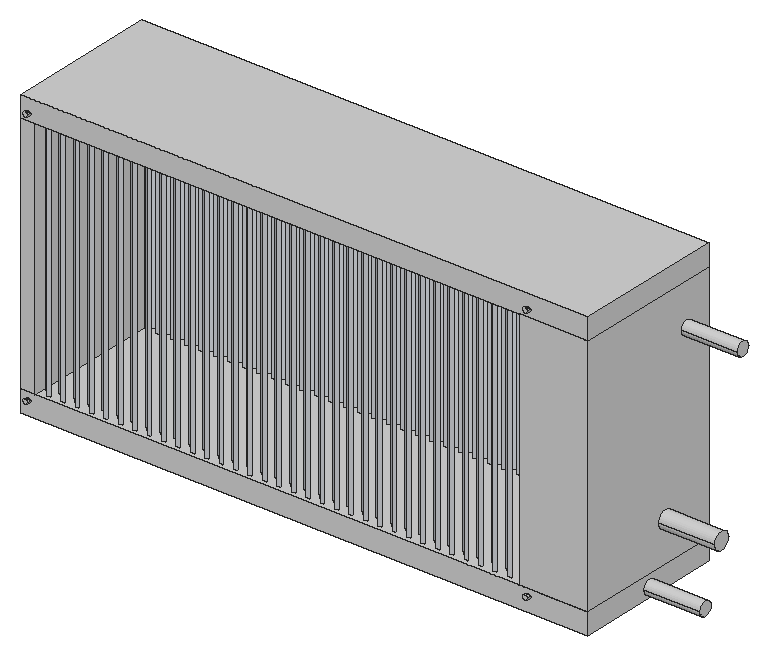
Revit family "НЕВАТОМ_Охладитель OFP-R_20220407", category Оборудование, Revit 2017
Family settings
  Размер круглого соединителя = Использовать диаметр
  Тип детали = Вставляется
  На основе рабочей плоскости = Нет
  Всегда вертикально = Нет
  При загрузке вырезать с полостями = Нет
  Общий = Нет
  Точка расчета площади = Нет
Parameters (values of type "OFP 100-50/3")
  Н = 35 mm
  Материал корпуса = Материал корпуса
  t = 2 mm  # constant formula
  l = 30 mm
  d = 20 mm  # constant formula
  Nevatom_Частотный преобразователь = ""
  Nevatom_Регулятор расхода = ""
  Nevatom_URL = "https://t.me/NEVATOM_Bim_bot"
  Nevatom_ Для задания электроснабжения = ""
  N = D / 30 mm  # 34
  K = 1287 mm
  G = 28 mm
  F = 55 mm
  C пр. сеч = 500 mm
  E = 330 mm
  D пр.сеч = 1000 mm
  D = 1030 mm
  ADSK_Размер_Ширина = 312 mm  # constant formula
  ADSK_Размер_Длина = K  # 1287 mm
  ADSK_Размер_Высота = B  # 588 mm
  ADSK_Материал наименование = "Оцинкованная сталь"  # constant formula
  A = 1170 mm
  C = 530 mm
  B = 588 mm
  ADSK_Ток = 0 A
  ADSK_Полная мощность = 0 kW
  ADSK_Напряжение = 0 V
  ADSK_Расход воздуха = 6000.0 m³/h
  ADSK_Примечание = ""
  ADSK_Потеря давления воздуха = 76.0 Pa
  ADSK_Позиция = ""
  ADSK_Наименование = "ОХЛАДИТЕЛЬ ФРЕОНОВЫЙ"
  ADSK_Масса_Текст = "45,0 кг"
  ADSK_Масса = 45
  ADSK_Марка = "OFP 100-50/3-R"
  ADSK_Код изделия = ""
  ADSK_Завод-изготовитель = "NEVATOM"
  ADSK_Единица измерения = "шт."
  5 = 5 mm  # constant formula
  312 = 312 mm  # constant formula
Types (19, lengths in mm): name | Н | N | K | G | F | C пр. сеч | E | D пр.сеч | D | ADSK_Размер_Длина | ADSK_Размер_Высота | A | C | B | ADSK_Расход воздуха | ADSK_Потеря давления воздуха | ADSK_Масса_Текст | ADSK_Масса | ADSK_Марка
  (no name) | 35 | 34 | 1287 | 28 | 55 | 500 | 330 | 1000 | 1030 | 1287 | 588 | 1170 | 530 | 588 | 6000.0 m³/h | 76.0 Pa | "45,0 кг" | 45 | "OFP 100-50/3-R"
  OFP 40-20/3 | 16 | 14 | 686 | 12 | 64 | 200 | 90 | 400 | 420 | 686 | 266 | 551 | 220 | 266 | 800.0 m³/h | 57.0 Pa | "15,7 кг" | 15.7 | "OFP 40-20/3-R"
  OFP 40-20/4 | 16 | 14 | 686 | 12 | 64 | 200 | 90 | 400 | 420 | 686 | 266 | 551 | 220 | 266 | 800.0 m³/h | 74.0 Pa | "17,0 кг" | 17 | "OFP 40-20/4-R"
  OFP 50-25/3 | 16 | 17 | 785 | 12 | 64 | 250 | 130 | 500 | 520 | 785 | 316 | 650 | 270 | 316 | 1250.0 m³/h | 57.0 Pa | "19,8 кг" | 19.8 | "OFP 50-25/3-R"
  OFP 50-25/4 | 16 | 17 | 785 | 12 | 64 | 250 | 130 | 500 | 520 | 785 | 316 | 650 | 270 | 316 | 1250.0 m³/h | 74.0 Pa | "20,8 кг" | 20.8 | "OFP 50-25/4-R"
  OFP 50-30/3 | 22 | 17 | 786 | 16 | 64 | 300 | 160 | 500 | 520 | 786 | 366 | 650 | 320 | 366 | 1600.0 m³/h | 63.0 Pa | "21,8 кг" | 21.8 | "OFP 50-30/3-R"
  OFP 50-30/4 | 22 | 17 | 786 | 16 | 64 | 300 | 160 | 500 | 520 | 786 | 366 | 650 | 320 | 366 | 1600.0 m³/h | 82.0 Pa | "22,7 кг" | 22.7 | "OFP 50-30/4-R"
  OFP 60-30/3 | 22 | 21 | 887 | 16 | 64 | 300 | 160 | 600 | 630 | 887 | 387 | 771 | 332 | 387 | 1850.0 m³/h | 59.0 Pa | "24,2 кг" | 24.2 | "OFP 60-30/3-R"
  OFP 60-30/4 | 22 | 21 | 887 | 16 | 64 | 300 | 160 | 600 | 630 | 887 | 387 | 771 | 332 | 387 | 1850.0 m³/h | 78.0 Pa | "25,4 кг" | 25.4 | "OFP 60-30/4-R"
  OFP 60-35/3 | 22 | 21 | 887 | 16 | 64 | 350 | 190 | 600 | 630 | 887 | 436 | 771 | 382 | 436 | 2150.0 m³/h | 59.0 Pa | "26,0 кг" | 26 | "OFP 60-35/3-R"
  OFP 60-35/4 | 22 | 21 | 887 | 16 | 64 | 350 | 190 | 600 | 630 | 887 | 436 | 771 | 382 | 436 | 2150.0 m³/h | 77.0 Pa | "27,4 кг" | 27.4 | "OFP 60-35/4-R"
  OFP 70-40/3 | 28 | 24 | 987 | 22 | 64 | 400 | 230 | 700 | 730 | 987 | 487 | 871 | 432 | 487 | 3500.0 m³/h | 81.0 Pa | "28,3 кг" | 28.3 | "OFP 70-40/3-R"
  OFP 70-40/4 | 28 | 24 | 987 | 22 | 64 | 400 | 230 | 700 | 730 | 987 | 487 | 871 | 432 | 487 | 3500.0 m³/h | 106.0 Pa | "32,0 кг" | 32 | "OFP 70-40/4-R"
  OFP 80-50/3 | 28 | 28 | 1087 | 22 | 64 | 500 | 290 | 800 | 830 | 1087 | 588 | 974 | 530 | 588 | 5000.0 m³/h | 81.0 Pa | "40,0 кг" | 40 | "OFP 80-50/3-R"
  OFP 80-50/4 | 28 | 28 | 1087 | 22 | 64 | 500 | 290 | 800 | 830 | 1087 | 588 | 974 | 530 | 588 | 5000.0 m³/h | 107.0 Pa | "40,3 кг" | 40.3 | "OFP 80-50/4-R"
  OFP 90-50/3 | 35 | 31 | 1215 | 28 | 64 | 500 | 320 | 900 | 930 | 1215 | 588 | 1080 | 530 | 588 | 5500.0 m³/h | 78.0 Pa | "42,0 кг" | 42 | "OFP 90-50/3-R"
  OFP 90-50/4 | 35 | 31 | 1215 | 28 | 64 | 500 | 320 | 900 | 930 | 1215 | 588 | 1080 | 530 | 588 | 5500.0 m³/h | 103.0 Pa | "43,3 кг" | 43.3 | "OFP 90-50/4-R"
  OFP 100-50/3 | 35 | 34 | 1287 | 28 | 55 | 500 | 330 | 1000 | 1030 | 1287 | 588 | 1170 | 530 | 588 | 6000.0 m³/h | 76.0 Pa | "45,0 кг" | 45 | "OFP 100-50/3-R"
  OFP 100-50/4 | 35 | 34 | 1287 | 28 | 55 | 500 | 330 | 1000 | 1030 | 1287 | 588 | 1170 | 530 | 588 | 6000.0 m³/h | 101.0 Pa | "46,3 кг" | 46.3 | "OFP 100-50/4-R"
Reference planes
  plane 1 "По центру (Вперед/Назад)": y = 0
  plane 2: z = 100.007
  plane 3 "По центру (Влево/Вправо)": x = 0
  plane 4: z = 265.007
  plane 5: z = -64.993
  plane 6: x = 500
  plane 7: x = -500
  plane 8: z = 350.007
  plane 9: z = -149.993
  plane 10: z = 394.007
  plane 11: z = -193.993
  plane 12: x = 640
  plane 13: x = -530
  plane 14: x = -515
  plane 15: x = 515
  plane 16: y = -156
  plane 17: y = 156
  plane 18: x = 757
  plane 19: y = 96.5
  plane 20: y = 41.5
  plane 21: z = -171.993
  plane 22: z = 365.007
  plane 23: z = -164.993
Forms (mm)
  Extrusion 1, solid, material "Материал корпуса"
    sketch origin (0, 0, 0) x (1, 0, 0) y (0, 0, 1)
      loop
        line (-530, 394.007) -> (-530, 350.007) -> (640, 350.007) -> (640, 394.007) -> (-530, 394.007)
      loop
        line (-530, -193.993) -> (640, -193.993) -> (640, -149.993) -> (-530, -149.993) -> (-530, -193.993)
    from -156 to 156
  Extrusion 2, solid, material "Материал корпуса" <- "Материал корпуса"
    sketch origin (0, 0, 0) x (1, 0, 0) y (0, 0, 1)
      loop
        circle (-515, 365.007) r 5
      loop
        circle (515, 365.007) r 5
      loop
        circle (515, -164.993) r 5
      loop
        circle (-515, -164.993) r 5
    from -161 to 161
  Extrusion 3, solid, material "Материал корпуса"
    sketch origin (0, 0, 100.007) x (1, 0, 0) y (0, 1, 0)
      loop
        line (500, 156) -> (500, -156) -> (640, -156) -> (640, 156) -> (500, 156)
      loop
        line (-530, 156) -> (-530, -156) -> (-500, -156) -> (-500, 156) -> (-530, 156)
    from -250 to 250
  Extrusion 4, solid, material "Материал корпуса"
    sketch origin (-280, 0, 0) x (0, 1, 0) y (0, 0, -1)
      loop
        circle (0, 171.993) r 14
      loop
        circle (41.5, 64.993) r 17.5
      loop
        circle (96.5, -265.007) r 14
    from -920 to -1037
Dimensions and locks
  "A": plane 12 to plane 13
  equal spacing: plane 6, plane 3 "По центру (Влево/Вправо)", plane 7
  "D пр.сеч": plane 6 to plane 7
  equal spacing: plane 8, level, plane 9
  "C пр. сеч": plane 8 to plane 9
  equal spacing: plane 4, plane 2, plane 5
  "E": plane 4 to plane 5
  "B": plane 10 to plane 11
  equal spacing: plane 10, plane 2, plane 11
  equal spacing: plane 17, plane 1 "По центру (Вперед/Назад)", plane 16
  "312": plane 17 to plane 16
  plane 13 to plane 18 = 1287 mm
  plane 13 to plane 12 = 1170 mm
  equal spacing: plane 15, plane 3 "По центру (Влево/Вправо)", plane 14
  "D": plane 15 to plane 14
  equal spacing: plane 9, plane 21, plane 11
  "F": plane 20 to plane 19
  plane 1 "По центру (Вперед/Назад)" to plane 20 = 41.5 mm
  locked: plane 19 to plane 17 at 59.5
  equal spacing: group 1, group 3, group 4, group 5, group 6, group 7, group 8, group 9, group 10, group 11, group 12, group 13, group 14, group 29, group 30, group 31, group 35, group 36, group 37, group 38, group 43, group 44, group 45, group 49, group 50, group 51, group 52, group 57, group 58, group 59, group 63, group 64, group 65, group 2  (x3)
  locked: nested 15 to plane 16 at 10
  equal spacing: group 16, group 68, group 67, group 66, group 62, group 61, group 60, group 56, group 55, group 54, group 53, group 48, group 47, group 46, group 42, group 41, group 40, group 39, group 34, group 33, group 32, group 28, group 27, group 26, group 25, group 24, group 23, group 22, group 21, group 20, group 19, group 18, group 17, group 15
  equal spacing: group 15, group 17, group 18, group 19, group 20, group 21, group 22, group 23, group 24, group 25, group 26, group 27, group 28, group 32, group 33, group 34, group 39, group 40, group 41, group 42, group 46, group 47, group 48, group 53, group 54, group 55, group 56, group 60, group 61, group 62, group 66, group 67, group 68, group 16  (x2)
  "5": Extrusion 2 to plane 17
  "5": plane 16 to Extrusion 2
  equal spacing: plane 22, plane 2, plane 23
  "C": plane 22 to plane 23
  "l": plane 7 to plane 13
  "K": plane 18 to plane 13
  "G": diameter of Extrusion 4 sketch curve  (x2)
  "Н": diameter of Extrusion 4 sketch curve
  aligned and locked: level to plane 2
  aligned and locked: Extrusion 1 sketch curve to plane 10
  aligned and locked: plane 13 to Extrusion 1 sketch curve
  aligned and locked: plane 8 to Extrusion 1 sketch curve
  aligned and locked: Extrusion 1 sketch curve to plane 12
  aligned and locked: Extrusion 1 sketch curve to plane 11
  aligned and locked: Extrusion 1 sketch curve to plane 13
  aligned and locked: plane 9 to Extrusion 1 sketch curve
  aligned and locked: plane 12 to Extrusion 1 sketch curve
  aligned and locked: plane 17 to Extrusion 1
  aligned and locked: Extrusion 1 to plane 16
  aligned and locked: plane 7 to nested 1
  aligned and locked: plane 6 to nested 2
  aligned and locked: nested 15 to plane 6
  aligned and locked: nested 16 to plane 7
  aligned and locked: plane 14 to Extrusion 2 sketch curve  (x2)
  aligned and locked: plane 15 to Extrusion 2 sketch curve  (x2)
  aligned and locked: Extrusion 3 to Extrusion 1
  aligned and locked: Extrusion 3 sketch curve to Extrusion 1  (x2)
  aligned and locked: plane 16 to Extrusion 3 sketch curve
  aligned and locked: Extrusion 3 sketch curve to plane 7
  aligned and locked: plane 8 to Extrusion 3
  aligned and locked: Extrusion 4 to plane 18
  aligned and locked: plane 22 to Extrusion 2 sketch curve  (x2)
  aligned and locked: plane 23 to Extrusion 2 sketch curve  (x2)
  aligned and locked: plane 20 to Extrusion 4 sketch curve
  aligned and locked: plane 5 to Extrusion 4 sketch curve
  aligned and locked: Extrusion 4 to plane 12
  aligned and locked: nested 63 to Extrusion 1  (x3)
Automatic sketch dimensions
  Extrusion 3 sketch curve to plane 6 = 0 mm
  Extrusion 3 sketch curve to plane 12 = 0 mm
  Extrusion 3 sketch curve to plane 16 = 0 mm
  Extrusion 3 sketch curve to plane 17 = 0 mm
  Extrusion 4 sketch curve to plane 1 "По центру (Вперед/Назад)" = 0 mm
  Extrusion 4 sketch curve to plane 4 = 0 mm
  Extrusion 4 sketch curve to plane 19 = 0 mm
  Extrusion 4 sketch curve to plane 21 = 0 mm
  radius of Extrusion 2 sketch curve = 5 mm  (x4)
Nested families
  nested 1: "Семейство1" at (-490, 134, 100.007), type "Семейство1"
    with E 500 mm, 20 20 mm
  nested 2: "Семейство1" at (490, 134, 100.007), type "Семейство1"
    with E 500 mm, 20 20 mm
  nested 3: "Семейство1" at (-460.303, 134, 100.007), type "Семейство1"
    with E 500 mm, 20 20 mm
  nested 4: "Семейство1" at (-430.606, 134, 100.007), type "Семейство1"
    with E 500 mm, 20 20 mm
  nested 5: "Семейство1" at (-400.909, 134, 100.007), type "Семейство1"
    with E 500 mm, 20 20 mm
  nested 6: "Семейство1" at (-371.212, 134, 100.007), type "Семейство1"
    with E 500 mm, 20 20 mm
  nested 7: "Семейство1" at (-341.515, 134, 100.007), type "Семейство1"
    with E 500 mm, 20 20 mm
  nested 8: "Семейство1" at (-311.818, 134, 100.007), type "Семейство1"
    with E 500 mm, 20 20 mm
  nested 9: "Семейство1" at (-282.121, 134, 100.007), type "Семейство1"
    with E 500 mm, 20 20 mm
  nested 10: "Семейство1" at (-252.424, 134, 100.007), type "Семейство1"
    with E 500 mm, 20 20 mm
  nested 11: "Семейство1" at (-222.727, 134, 100.007), type "Семейство1"
    with E 500 mm, 20 20 mm
  nested 12: "Семейство1" at (-193.03, 134, 100.007), type "Семейство1"
    with E 500 mm, 20 20 mm
  nested 13: "Семейство1" at (-163.333, 134, 100.007), type "Семейство1"
    with E 500 mm, 20 20 mm
  nested 14: "Семейство1" at (-133.636, 134, 100.007), type "Семейство1"
    with E 500 mm, 20 20 mm
  nested 15: "Семейство1" at (490, -136, 100.007), type "Семейство1"
    with E 500 mm, 20 20 mm
  nested 16: "Семейство1" at (-490, -136, 100.007), type "Семейство1"
    with E 500 mm, 20 20 mm
  nested 17: "Семейство1" at (460.303, -136, 100.007), type "Семейство1"
    with E 500 mm, 20 20 mm
  nested 18: "Семейство1" at (430.606, -136, 100.007), type "Семейство1"
    with E 500 mm, 20 20 mm
  nested 19: "Семейство1" at (400.909, -136, 100.007), type "Семейство1"
    with E 500 mm, 20 20 mm
  nested 20: "Семейство1" at (371.212, -136, 100.007), type "Семейство1"
    with E 500 mm, 20 20 mm
  nested 21: "Семейство1" at (341.515, -136, 100.007), type "Семейство1"
    with E 500 mm, 20 20 mm
  nested 22: "Семейство1" at (311.818, -136, 100.007), type "Семейство1"
    with E 500 mm, 20 20 mm
  nested 23: "Семейство1" at (282.121, -136, 100.007), type "Семейство1"
    with E 500 mm, 20 20 mm
  nested 24: "Семейство1" at (252.424, -136, 100.007), type "Семейство1"
    with E 500 mm, 20 20 mm
  nested 25: "Семейство1" at (222.727, -136, 100.007), type "Семейство1"
    with E 500 mm, 20 20 mm
  nested 26: "Семейство1" at (193.03, -136, 100.007), type "Семейство1"
    with E 500 mm, 20 20 mm
  nested 27: "Семейство1" at (163.333, -136, 100.007), type "Семейство1"
    with E 500 mm, 20 20 mm
  nested 28: "Семейство1" at (133.636, -136, 100.007), type "Семейство1"
    with E 500 mm, 20 20 mm
  nested 29: "Семейство1" at (-103.939, 134, 100.007), type "Семейство1"
    with E 500 mm, 20 20 mm
  nested 30: "Семейство1" at (-74.242, 134, 100.007), type "Семейство1"
    with E 500 mm, 20 20 mm
  nested 31: "Семейство1" at (-44.545, 134, 100.007), type "Семейство1"
    with E 500 mm, 20 20 mm
  nested 32: "Семейство1" at (103.939, -136, 100.007), type "Семейство1"
    with E 500 mm, 20 20 mm
  nested 33: "Семейство1" at (74.242, -136, 100.007), type "Семейство1"
    with E 500 mm, 20 20 mm
  nested 34: "Семейство1" at (44.545, -136, 100.007), type "Семейство1"
    with E 500 mm, 20 20 mm
  nested 35: "Семейство1" at (-14.848, 134, 100.007), type "Семейство1"
    with E 500 mm, 20 20 mm
  nested 36: "Семейство1" at (14.848, 134, 100.007), type "Семейство1"
    with E 500 mm, 20 20 mm
  nested 37: "Семейство1" at (44.545, 134, 100.007), type "Семейство1"
    with E 500 mm, 20 20 mm
  nested 38: "Семейство1" at (74.242, 134, 100.007), type "Семейство1"
    with E 500 mm, 20 20 mm
  nested 39: "Семейство1" at (14.848, -136, 100.007), type "Семейство1"
    with E 500 mm, 20 20 mm
  nested 40: "Семейство1" at (-14.848, -136, 100.007), type "Семейство1"
    with E 500 mm, 20 20 mm
  nested 41: "Семейство1" at (-44.545, -136, 100.007), type "Семейство1"
    with E 500 mm, 20 20 mm
  nested 42: "Семейство1" at (-74.242, -136, 100.007), type "Семейство1"
    with E 500 mm, 20 20 mm
  nested 43: "Семейство1" at (103.939, 134, 100.007), type "Семейство1"
    with E 500 mm, 20 20 mm
  nested 44: "Семейство1" at (133.636, 134, 100.007), type "Семейство1"
    with E 500 mm, 20 20 mm
  nested 45: "Семейство1" at (163.333, 134, 100.007), type "Семейство1"
    with E 500 mm, 20 20 mm
  nested 46: "Семейство1" at (-103.939, -136, 100.007), type "Семейство1"
    with E 500 mm, 20 20 mm
  nested 47: "Семейство1" at (-133.636, -136, 100.007), type "Семейство1"
    with E 500 mm, 20 20 mm
  nested 48: "Семейство1" at (-163.333, -136, 100.007), type "Семейство1"
    with E 500 mm, 20 20 mm
  nested 49: "Семейство1" at (193.03, 134, 100.007), type "Семейство1"
    with E 500 mm, 20 20 mm
  nested 50: "Семейство1" at (222.727, 134, 100.007), type "Семейство1"
    with E 500 mm, 20 20 mm
  nested 51: "Семейство1" at (252.424, 134, 100.007), type "Семейство1"
    with E 500 mm, 20 20 mm
  nested 52: "Семейство1" at (282.121, 134, 100.007), type "Семейство1"
    with E 500 mm, 20 20 mm
  nested 53: "Семейство1" at (-193.03, -136, 100.007), type "Семейство1"
    with E 500 mm, 20 20 mm
  nested 54: "Семейство1" at (-222.727, -136, 100.007), type "Семейство1"
    with E 500 mm, 20 20 mm
  nested 55: "Семейство1" at (-252.424, -136, 100.007), type "Семейство1"
    with E 500 mm, 20 20 mm
  nested 56: "Семейство1" at (-282.121, -136, 100.007), type "Семейство1"
    with E 500 mm, 20 20 mm
  nested 57: "Семейство1" at (311.818, 134, 100.007), type "Семейство1"
    with E 500 mm, 20 20 mm
  nested 58: "Семейство1" at (341.515, 134, 100.007), type "Семейство1"
    with E 500 mm, 20 20 mm
  nested 59: "Семейство1" at (371.212, 134, 100.007), type "Семейство1"
    with E 500 mm, 20 20 mm
  nested 60: "Семейство1" at (-311.818, -136, 100.007), type "Семейство1"
    with E 500 mm, 20 20 mm
  nested 61: "Семейство1" at (-341.515, -136, 100.007), type "Семейство1"
    with E 500 mm, 20 20 mm
  nested 62: "Семейство1" at (-371.212, -136, 100.007), type "Семейство1"
    with E 500 mm, 20 20 mm
  nested 63: "НЕВАТОМ_QR-AxB" at (540, 56, 394.007), type "Nevatom_Logo_200x200", not visible
  nested 64: "Семейство1" at (400.909, 134, 100.007), type "Семейство1"
    with E 500 mm, 20 20 mm
  nested 65: "Семейство1" at (430.606, 134, 100.007), type "Семейство1"
    with E 500 mm, 20 20 mm
  nested 66: "Семейство1" at (460.303, 134, 100.007), type "Семейство1"
    with E 500 mm, 20 20 mm
  nested 67: "Семейство1" at (-400.909, -136, 100.007), type "Семейство1"
    with E 500 mm, 20 20 mm
  nested 68: "Семейство1" at (-430.606, -136, 100.007), type "Семейство1"
    with E 500 mm, 20 20 mm
  nested 69: "Семейство1" at (-460.303, -136, 100.007), type "Семейство1"
    with E 500 mm, 20 20 mm
Connectors
  hvac at (0, 156, 100.007), driven by "C пр. сеч", driven by "D пр.сеч"
    settings: on Extrusion 3, index 1, duct flow 0.0 m³/h, flow factor 0, pres drop 0.0 Pa, loss coef 0, conn angle 0.00°, conn width 1000 mm, conn height 500 mm, conn diameter 609.6 mm, duct sys type 29, conn prof type 1, flow config 0, flow direction 0, loss method 0, conn ref index -1, conn util no, is conn primary yes, conn desc ""
  hvac at (0, -156, 100.007), driven by "C пр. сеч", driven by "D пр.сеч"
    settings: on Extrusion 3, index 2, duct flow 0.0 m³/h, flow factor 0, pres drop 0.0 Pa, loss coef 0, conn angle 0.00°, conn width 1000 mm, conn height 500 mm, conn diameter 609.6 mm, duct sys type 29, conn prof type 1, flow config 0, flow direction 0, loss method 0, conn ref index -1, conn util no, is conn primary no, conn desc ""
  piping at (757, 96.5, 265.007), diameter 28, driven by "G"
    settings: on Extrusion 4, index 3, connector inside diameter 609.6 mm, connector length 0 mm, flow factor 0, pipe flow 0.0 L/s, pressure drop 0.0 Pa, fitting loss kfactor 0, connector angle 0.00°, fixture units 0, engagement length 0 mm, angle of deflection 0.00°, flow configuration 0, flow direction 0, fitting loss method 0, system type 28, joint type 0, gender type 0, connector reference index -1, connector utility 0, adjustable connector no, is connector primary yes, connector description ""
  piping at (757, 41.5, -64.993), diameter 35, driven by "Н"
    settings: on Extrusion 4, index 4, connector inside diameter 609.6 mm, connector length 0 mm, flow factor 0, pipe flow 0.0 L/s, pressure drop 0.0 Pa, fitting loss kfactor 0, connector angle 0.00°, fixture units 0, engagement length 0 mm, angle of deflection 0.00°, flow configuration 0, flow direction 0, fitting loss method 0, system type 28, joint type 0, gender type 0, connector reference index -1, connector utility 0, adjustable connector no, is connector primary no, connector description ""
  piping at (757, 0, -171.993), diameter 28, driven by "G"
    settings: on Extrusion 4, index 5, connector inside diameter 609.6 mm, connector length 0 mm, flow factor 0, pipe flow 0.0 L/s, pressure drop 0.0 Pa, fitting loss kfactor 0, connector angle 0.00°, fixture units 0, engagement length 0 mm, angle of deflection 0.00°, flow configuration 0, flow direction 0, fitting loss method 0, system type 28, joint type 0, gender type 0, connector reference index -1, connector utility 0, adjustable connector no, is connector primary no, connector description ""
Definition of nested family "Семейство1"
  Parameters (values of type "Семейство1")
    E = 196.412 mm
    20 = 50 mm
  Reference planes
    plane 1 "По центру (Вперед/Назад)": y = 0
    plane 2: z = 0
    plane 3 "По центру (Влево/Вправо)": x = 0
    plane 4: x = 25
    plane 5: x = -25
    plane 6: y = -25
    plane 7: y = 25
    plane 8: z = 98.206
    plane 9: z = -98.206
    plane 10: through (-652.191, -652.191, 1200) normal (-0.7071, 0.7071, 0)
  Forms (mm)
    Extrusion 1, solid
      sketch origin (-23.125, 9.105, 0) x (0.707107, 0.707107, 0) y (-0.707107, 0.707107, 0)
        loop
          line (-22.652, -25.581) -> (48.059, -25.581) -> (42.478, -20) -> (-28.232, -20) -> (-22.652, -25.581)
      from -98.206 to 98.206
  Dimensions and locks
    "E": plane 8 to plane 9
    equal spacing: plane 5, plane 3 "По центру (Влево/Вправо)", plane 4
    equal spacing: plane 7, plane 1 "По центру (Вперед/Назад)", plane 6
    "20": plane 5 to plane 4
    "20": plane 7 to plane 6
    Extrusion 1 to plane 10 to Extrusion 1 = 2.79 mm, 2.79 mm
    equal spacing: Extrusion 1 sketch curve, plane 10, Extrusion 1 sketch curve
    Extrusion 1 sketch curve to Extrusion 1 sketch curve = 5.581 mm
    equal spacing: plane 8, level, plane 9
    locked: plane 1 "По центру (Вперед/Назад)" to plane 10 (angle 45.00°)
    aligned and locked: level to plane 2
    aligned and locked: Extrusion 1 sketch curve to plane 6
    aligned and locked: plane 7 to Extrusion 1 sketch curve
    aligned and locked: plane 8 to Extrusion 1
    aligned and locked: Extrusion 1 to plane 9
Definition of nested family "НЕВАТОМ_QR-AxB"
  Parameters (values of type "Nevatom_Logo_25x25")
    Logo_Image = none
    L = 2 mm
    B = A  # 25 mm
    A = 25 mm
  Types (5, lengths in mm): name | B | A
    (no name) | 25 | 25
    Nevatom_Logo_200x200 | 200 | 200
    Nevatom_Logo_100x100 | 100 | 100
    Nevatom_Logo_50x50 | 50 | 50
    Nevatom_Logo_25x25 | 25 | 25
  Reference planes
    plane 1 "По центру (Вперед/Назад)": y = 0
    plane 2: z = 0
    plane 3 "По центру (Влево/Вправо)": x = 0
    plane 4: x = -12.5
    plane 5: x = 12.5
    plane 6: y = 12.5
    plane 7: y = -12.5
  Forms (mm)
    Extrusion 1, solid, material <- "Logo_Image"
      sketch origin (0, 0, 0) x (1, 0, 0) y (0, 1, 0)
        loop
          line (-12.5, 12.5) -> (-12.5, -12.5) -> (12.5, -12.5) -> (12.5, 12.5) -> (-12.5, 12.5)
      from 0 to 2 <- "L"
  Lines and regions (mm)
    reference lines
      curve 1: line (-12.5, 12.5, 0) -> (12.5, 12.5, 0)
      curve 2: line (12.5, 12.5, 0) -> (12.5, -12.5, 0)
      curve 3: line (12.5, -12.5, 0) -> (-12.5, -12.5, 0)
      curve 4: line (-12.5, -12.5, 0) -> (-12.5, 12.5, 0)
  Dimensions and locks
    equal spacing: plane 4, plane 3 "По центру (Влево/Вправо)", plane 5
    "A": plane 4 to plane 5
    equal spacing: plane 6, plane 1 "По центру (Вперед/Назад)", plane 7
    "B": plane 6 to plane 7
    aligned and locked: level to plane 2
    aligned and locked: plane 6 to curve 1
    aligned and locked: plane 4 to curve 4
    aligned and locked: plane 5 to curve 2
    aligned and locked: plane 7 to curve 3
    aligned and locked: Extrusion 1 sketch curve to curve 1
    aligned and locked: Extrusion 1 sketch curve to curve 4
    aligned and locked: Extrusion 1 sketch curve to curve 3
    aligned and locked: Extrusion 1 sketch curve to curve 2
